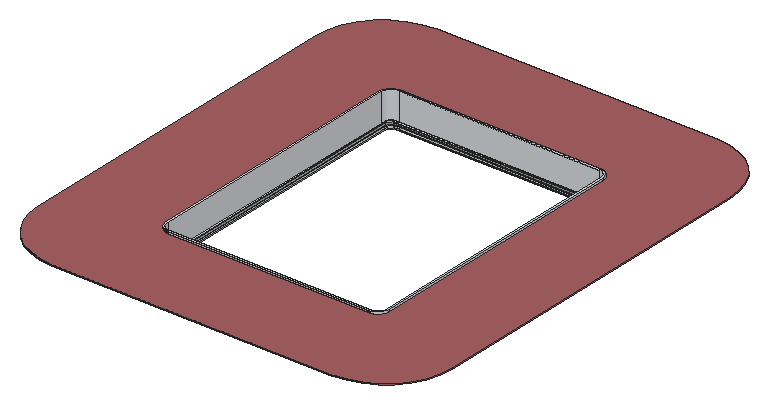
Revit family "PRD_FrankeWS_ShwrFttngsPckg_F5SlidingAdhesiveFlange_ACBX9002", category Specialty Equipment, Revit 2018
Family settings
  Round Connector Dimension = Use Diameter
  Part Type = Normal
  OmniClass Number = 23.45.05.14.99
  OmniClass Title = Other Sanitary Washing Plumbing Fixtures
  Work Plane-Based = Yes
  Always vertical = No
  Cut with Voids When Loaded = No
  Shared = No
  Room Calculation Point = No
Parameters (values of type "ACBX9002")
  WarrantyStartDate [instance] = "1900-12-31T23:59:59"
  WarrantyGuarantorParts = "n/a"
  WarrantyGuarantorLabor = "n/a"
  WarrantyDurationUnit = "year"
  WarrantyDurationParts = "n/a"
  WarrantyDurationLabor = "n/a"
  WarrantyDescription = "n/a"
  Version = "1"
  Uniclass2015Version = "Products v1.23"
  Uniclass2015Title = "Shower fittings package"
  Uniclass2015Code = "Pr_40_20_87_75"
  URL = "www.kwc.com"
  TopMaterial = PRD_AR_Elastomer_Red
  TailorMade = "n/a"
  TagNumber [instance] = "n/a"
  SustainabilityPerformance = "n/a"
  Status = "New"
  Size = "n/a"
  Shape = "n/a"
  SerialNumber [instance] = "n/a"
  Revision = "n/a"
  ReplacementCost = "n/a"
  Reference = "n/a"
  QuantityUom = "Piece"
  Quantity = "1"
  ProductInformation = "https://pim.kwc.com/product/2030041606/attachment/datasheet?locale=en"
  ProductCode = "210.0636.676"
  NominalWidth = 310 mm
  NominalLength = 0 mm
  NominalHeight = 360 mm
  NominalDepth = 0 mm
  NetWeight = 0.33 kg
  Name = "F5 Sliding adhesive flange ACBX9002"
  NBSTypeID = "n/a"
  NBSReference = "45-35-70/330"
  NBSOfficeMasterTag = "n/a"
  NBSNote = "n/a"
  NBSDescription = "Shower fittings package"
  NBSCertification = "n/a"
  ModelReference = "ACBX9002"
  ModelNumber = "2030041606"
  Model = ModelReference  # "ACBX9002"
  Material = "elastomer"
  ManufacturerURL = "www.kwc.com"
  ManufacturerName = "KWC Group AG"  # constant formula
  Manufacturer = ManufacturerName  # "KWC Group AG"
  IntegralAccessories = "n/a"
  InstallationDate [instance] = "1900-12-31T23:59:59"
  IfcExportType = "USERDEFINED"
  IfcExportAs = "IfcSanitaryTerminalType"
  GrossWeight = 0.35 kg
  Grade = "n/a"
  Finish = "n/a"
  Features = "sealing collar made of water-tight, permanently-elastic, alkali-resistant, and crack-bridging thermoplastic elastomer with polypropylene fleece"
  ExpectedLife = "n/a"
  DurationUnit = "year"
  Description = "Sliding adhesive flange, continuously-adjustable, with form-closed, flexible, 70 mm wide sealing collar. Sealing collar made of water-tight, permanently-elastic, alkali-resistant, and crack-bridging thermoplastic elastomer with polypropylene fleece for connecting to compound seals in dry and wet construction."
  Default Elevation = 1219.2 mm
  CreatedOn = "04/2022"  # constant formula
  Constituents = "n/a"
  Color = "red"
  CodePerformance = "n/a"
  Category = "Pr_40_20_87_75, Shower fittings package"
  BodyMaterial = none
  BarCode [instance] = "n/a"
  BIMObjectName = "PRD_AR_ShowerFittingsPackage_F5SlidingAdhesiveFlange_ACBX9002"
  Author = "Archispace"  # constant formula
  AssetType = "Fixed"
  AssetIdentifier [instance] = "n/a"
  AccessibilityPerformance = "n/a"
Reference planes
  plane 1 "Center (Front/Back)": y = 0
  plane 2: z = 0
  plane 3 "Center (Left/Right)": x = 0
Forms (mm)
  Extrusion 1, solid, material "PRD_AR_Elastomer_Red" <- "TopMaterial", detail levels fine
    sketch origin (0, 0, 0) x (1, 0, 0) y (0, 1, 0)
      loop
        arc (-105, 180) -> (-140.355, 165.355) -> (-155, 130) r 50
        line (-155, 130) -> (-155, -130)
        arc (-155, -130) -> (-140.355, -165.355) -> (-105, -180) r 50
        line (-105, -180) -> (105, -180)
        arc (105, -180) -> (140.355, -165.355) -> (155, -130) r 50
        line (155, -130) -> (155, 130)
        arc (155, 130) -> (140.355, 165.355) -> (105, 180) r 50
        line (105, 180) -> (-105, 180)
      loop
        arc (-75, 108.6) -> (-81.081, 106.081) -> (-83.6, 100) r 8.6
        line (-83.6, 100) -> (-83.6, -100)
        arc (-83.6, -100) -> (-81.081, -106.081) -> (-75, -108.6) r 8.6
        line (-75, -108.6) -> (75, -108.6)
        arc (75, -108.6) -> (81.081, -106.081) -> (83.6, -100) r 8.6
        line (83.6, -100) -> (83.6, 100)
        arc (83.6, 100) -> (81.081, 106.081) -> (75, 108.6) r 8.6
        line (75, 108.6) -> (-75, 108.6)
    from 0 to 0.65
  Extrusion 2, solid, material <- "BodyMaterial", detail levels fine
    sketch origin (0, 0, 0) x (1, 0, 0) y (0, 1, 0)
      loop
        arc (-82.3, -100) -> (-80.162, -105.162) -> (-75, -107.3) r 7.3
        line (-75, -107.3) -> (75, -107.3)
        arc (75, -107.3) -> (80.162, -105.162) -> (82.3, -100) r 7.3
        line (82.3, -100) -> (82.3, 100)
        arc (82.3, 100) -> (80.162, 105.162) -> (75, 107.3) r 7.3
        line (75, 107.3) -> (-75, 107.3)
        arc (-75, 107.3) -> (-80.162, 105.162) -> (-82.3, 100) r 7.3
        line (-82.3, 100) -> (-82.3, -100)
      loop
        arc (-83.6, -100) -> (-81.081, -106.081) -> (-75, -108.6) r 8.6
        line (-75, -108.6) -> (75, -108.6)
        arc (75, -108.6) -> (81.081, -106.081) -> (83.6, -100) r 8.6
        line (83.6, -100) -> (83.6, 100)
        arc (83.6, 100) -> (81.081, 106.081) -> (75, 108.6) r 8.6
        line (75, 108.6) -> (-75, 108.6)
        arc (-75, 108.6) -> (-81.081, 106.081) -> (-83.6, 100) r 8.6
        line (-83.6, 100) -> (-83.6, -100)
    from -21.8 to 1.65
  Sweep 3, solid, material <- "BodyMaterial", detail levels fine
    path in 3D
      loop
        arc (75, 107.3, 1.65) -> (80.162, 105.162, 1.65) -> (82.3, 100, 1.65) r 7.3
        line (82.3, 100, 1.65) -> (82.3, -100, 1.65)
        arc (82.3, -100, 1.65) -> (80.162, -105.162, 1.65) -> (75, -107.3, 1.65) r 7.3
        line (75, -107.3, 1.65) -> (-75, -107.3, 1.65)
        arc (-75, -107.3, 1.65) -> (-80.162, -105.162, 1.65) -> (-82.3, -100, 1.65) r 7.3
        line (-82.3, -100, 1.65) -> (-82.3, 100, 1.65)
        arc (-82.3, 100, 1.65) -> (-80.162, 105.162, 1.65) -> (-75, 107.3, 1.65) r 7.3
        line (-75, 107.3, 1.65) -> (75, 107.3, 1.65)
    profile origin (0, 107.3, 1.65) x (0, 1, 0) y (0, 0, 1)
      loop
        line (4.572, -19.883) -> (4.572, -19) -> (3.617, -19) -> (1.367, -21.997) -> (1.367, -23.45) -> (-0.218, -23.45) -> (-0.218, -21.997) -> (-2.468, -19) -> (-3.422, -19) -> (-3.422, -19.883) -> (-2.22, -21.815)
        arc (-2.22, -21.815) -> (-1.995, -22.322) -> (-1.918, -22.872) r 2
        line (-1.918, -22.872) -> (-1.918, -24.454)
        arc (-1.918, -24.454) -> (-1.553, -25.335) -> (-0.671, -25.7) r 1.246
        line (-0.671, -25.7) -> (1.821, -25.7)
        arc (1.821, -25.7) -> (2.702, -25.335) -> (3.067, -24.454) r 1.246
        line (3.067, -24.454) -> (3.067, -22.872)
        arc (3.067, -22.872) -> (3.144, -22.322) -> (3.369, -21.815) r 2
        line (3.369, -21.815) -> (4.572, -19.883)
  Extrusion 4, solid, material "PRD_AR_Elastomer_Red" <- "TopMaterial", detail levels coarse+medium
    sketch origin (0, 0, 0) x (1, 0, 0) y (0, 1, 0)
      loop
        arc (-105, 180) -> (-140.355, 165.355) -> (-155, 130) r 50
        line (-155, 130) -> (-155, -130)
        arc (-155, -130) -> (-140.355, -165.355) -> (-105, -180) r 50
        line (-105, -180) -> (105, -180)
        arc (105, -180) -> (140.355, -165.355) -> (155, -130) r 50
        line (155, -130) -> (155, 130)
        arc (155, 130) -> (140.355, 165.355) -> (105, 180) r 50
        line (105, 180) -> (-105, 180)
    from 0 to 0.65
  Extrusion 5, solid, material <- "BodyMaterial", detail levels coarse+medium
    sketch origin (0, 0, 0) x (1, 0, 0) y (0, 1, 0)
      loop
        arc (-83.6, -100) -> (-81.081, -106.081) -> (-75, -108.6) r 8.6
        line (-75, -108.6) -> (75, -108.6)
        arc (75, -108.6) -> (81.081, -106.081) -> (83.6, -100) r 8.6
        line (83.6, -100) -> (83.6, 100)
        arc (83.6, 100) -> (81.081, 106.081) -> (75, 108.6) r 8.6
        line (75, 108.6) -> (-75, 108.6)
        arc (-75, 108.6) -> (-81.081, 106.081) -> (-83.6, 100) r 8.6
        line (-83.6, 100) -> (-83.6, -100)
    from -24.5 to 1.65
Lines and regions (mm)
  sketch lines
    curve 1: line (-75, 107.3, 1.65) -> (75, 107.3, 1.65)
    curve 2: arc (82.3, 100, 1.65) -> (80.162, 105.162, 1.65) -> (75, 107.3, 1.65) r 7.3
    curve 3: line (82.3, 100, 1.65) -> (82.3, -100, 1.65)
    curve 4: arc (75, -107.3, 1.65) -> (80.162, -105.162, 1.65) -> (82.3, -100, 1.65) r 7.3
    curve 5: line (75, -107.3, 1.65) -> (-75, -107.3, 1.65)
    curve 6: arc (-82.3, -100, 1.65) -> (-80.162, -105.162, 1.65) -> (-75, -107.3, 1.65) r 7.3
    curve 7: line (-82.3, -100, 1.65) -> (-82.3, 100, 1.65)
    curve 8: arc (-75, 107.3, 1.65) -> (-80.162, 105.162, 1.65) -> (-82.3, 100, 1.65) r 7.3
Dimensions and locks
  aligned and locked: level to plane 2
